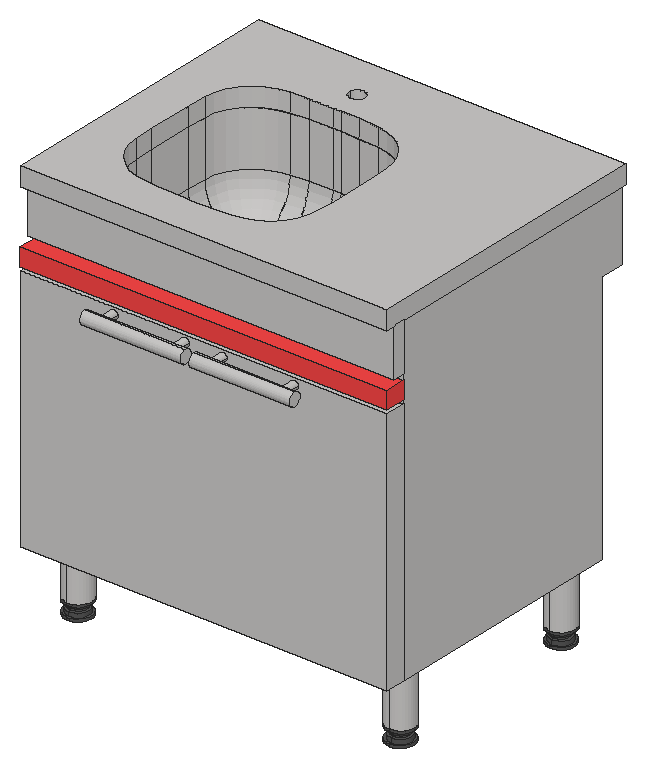
Revit family "ADB Armoire Bac du chef CMA 801", category Equipement spécialisé, Revit 2022
Family settings
  Cote de connecteur circulaire = Utiliser le diamètre
  Type d'élément = Normal
  Numéro OmniClass = 23.40.40.14.17.11
  Titre OmniClass = Cookers, Ovens, Stoves
  Basée sur le plan de construction = Non
  Toujours verticalement = Oui
  Couper avec des vides une fois chargée = Non
  Conserver l'orientation des annotations = Non
  Partagée = Non
  Repère de localisation dans la pièce = Non
Parameters (values of type "CMA 801 BCFG")
  URL catalogue = "https://www.ambassade-de-bourgogne.com/fr/produits/armoires/Resources/N31-CMA_801_BCFG.pdf"
  URL = "https://www.ambassade-de-bourgogne.com/fr/produits/armoires/Resources/N31-CMA_801_BCFG.pdf"
  Type article = ""
  Robinet OR 001 [instance] = no
  Remarques Plomberie [instance] = if(Robinet OR 001, "G3/8 ou G1/2", "")  # ""
  Plaque = CME801 BCFG_BCFD : BCFG
  Spécification du Fabricant = ""
  Profondeur [instance] = 705 mm + if(Dosseret DSA 800, 50 mm, 0 mm)  # 705 mm
  Poids net à vide [instance] = 71.00 kg + if(Dosseret DSA 800, 1.00 kg, 0.00 kg) + if(Robinet OR 001, 10.00 kg, 0.00 kg)  # 71.00 kg
  Modèle = "CMA 801 BCFG"
  Longueur [instance] = 800 mm  # constant formula
  Hauteur [instance] = if(Robinet OR 001, 1280 mm, if(Dosseret DSA 800, 1000 mm, 900 mm))  # 900 mm
  Fabricant = "Société Industrielle de Lacanche"  # constant formula
  Elévation par défaut = 0 mm
  Dosseret DSA 800 [instance] = no
  Dosseret [instance] = if(Dosseret DSA 800, 50 mm, 0 mm)  # 0 mm
  Diamètre de Raccordement Evacuation = 40.00 mm  # constant formula
  Diamètre de Raccordement Eau Froide [instance] = if(Robinet OR 001, 14.95 mm, 0.00 mm)  # 0.00 mm
  Diamètre de Raccordement Eau Chaude [instance] = if(Robinet OR 001, 14.95 mm, 0.00 mm)  # 0.00 mm
  Description = "Bac du chef"  # constant formula
  Connecteurs [instance] = yes
  Connecteur alimentation eau [instance] = and(Connecteurs, Robinet OR 001)  # no
  Commentaires du type = "Gamme Ambassade - Armoires - Plans de travail"  # constant formula
Types (2, lengths in mm): name | URL catalogue | URL | Plaque | Modèle
  CMA 801 BCFG | "https://www.ambassade-de-bourgogne.com/fr/produits/armoires/Resources/N31-CMA_801_BCFG.pdf" | "https://www.ambassade-de-bourgogne.com/fr/produits/armoires/Resources/N31-CMA_801_BCFG.pdf" | CME801 BCFG_BCFD : BCFG | "CMA 801 BCFG"
  CMA 801 BCFD | "https://www.ambassade-de-bourgogne.com/fr/produits/armoires/Resources/N32-CMA_801_BCFD.pdf" | "https://www.ambassade-de-bourgogne.com/fr/produits/armoires/Resources/N32-CMA_801_BCFD.pdf" | CME801 BCFG_BCFD : BCFD | "CMA 801 BCFD"
Reference planes
  plane 1 "Centre (avant/arrière)": y = 0
  plane 2: z = 0
  plane 3 "Centre (gauche/droite)": x = 0
  plane 4 "gauche": x = -400
  plane 5 "droite": x = 400
  plane 6 "fond de meuble": y = 325
  plane 7 "avant": y = -325
  plane 8 "arrière": y = 325
  plane 9: z = 900
  plane 10: x = 0
  plane 11: z = 765
  plane 12: x = 350
  plane 13: z = 810
  plane 14: y = -380
  plane 15: z = 386
Forms (mm)
  Extrusion 1, solid, detail levels coarse
    sketch origin (0, 0, 0) x (1, 0, 0) y (0, 1, 0)
      loop
        line (-400, 325) -> (-400, -380) -> (400, -380) -> (400, 325) -> (-400, 325)
    from 0 to 900 <- "Hauteur"
  Extrusion 2, solid, material "ADB_Network_Used_water_Green", visible <- "Connecteurs", detail levels medium+fine
    sketch origin (254, 295, 245) x (0, 0, -1) y (-1, 0, 0)
      loop
        circle (-166, 254) r 20
    from 0 to 10
  Extrusion 3, solid, material "ADB_Network_Cold_water_Blue", visible <- "Connecteur alimentation eau", detail levels medium+fine
    sketch origin (266.475, 295, 207.525) x (0, 0, -1) y (-1, 0, 0)
      loop
        circle (-166, 254) r 7.475
    from 0 to 10
  Extrusion 4, solid, material "ADB_Network_Hot_water_Orange", visible <- "Connecteur alimentation eau", detail levels medium+fine
    sketch origin (241.525, 295, 207.525) x (0, 0, -1) y (-1, 0, 0)
      loop
        circle (-166, 254) r 7.475
    from 0 to 10
Dimensions and locks
  equal spacing: plane 5 "droite", plane 3 "Centre (gauche/droite)", plane 4 "gauche"
  "Longueur": plane 5 "droite" to plane 4 "gauche"
  plane 6 "fond de meuble" to plane 7 "avant" = 650 mm
  locked: plane 7 "avant" to plane 1 "Centre (avant/arrière)" at 325
  "Dosseret": plane 8 "arrière" to plane 6 "fond de meuble"
  "Hauteur": plane 9 to plane 2
  plane 2 to plane 11 = 765 mm
  plane 5 "droite" to plane 10 = 400 mm
  plane 12 to plane 5 "droite" = 50 mm
  plane 2 to plane 13 = 810 mm
  "Profondeur": plane 8 "arrière" to plane 14
  aligned and locked: level to plane 2
  aligned and locked: plane 3 "Centre (gauche/droite)" to nested 1
  aligned and locked: plane 8 "arrière" to Extrusion 1
  aligned and locked: Extrusion 1 to plane 14
Automatic sketch dimensions
  Extrusion 1 sketch curve to plane 4 "gauche" = 0 mm
  Extrusion 1 sketch curve to plane 5 "droite" = 0 mm
  Extrusion 1 sketch curve to plane 14 = 0 mm
  plane 6 "fond de meuble" to Extrusion 1 sketch curve = 0 mm
  nested 1 to Extrusion 2 sketch curve = 191 mm
  Extrusion 2 sketch curve to nested 1 = 254 mm
  nested 1 to Extrusion 3 sketch curve = 153.525 mm
  Extrusion 3 sketch curve to nested 1 = 241.525 mm
  nested 1 to Extrusion 4 sketch curve = 153.525 mm
  nested 1 to Extrusion 4 sketch curve = 241.525 mm
  radius of Extrusion 2 sketch curve = 20 mm
  radius of Extrusion 3 sketch curve = 7.475 mm
  radius of Extrusion 4 sketch curve = 7.475 mm
Nested families
  nested 1: "Soubassement armoire" at (0, 0, 0), Dosseret <- "Dosseret DSA 800", type "1 armoire", detail levels medium+fine
    with Profondeur 703 mm, Porte inversée no, Porte yes, Longueur 800 mm, Hauteur 900 mm, Encombrement Porte standard yes, Encombrement Porte inversée no, Echelle no, Ech 808 no, Décalage poignée 395.5 mm, Dosseret no
  nested 2: "CME801 BCFG_BCFD" at (0, 0, 900), type <- "Plaque", Robinet <- "Robinet OR 001", type "BCFG", detail levels medium+fine
    with Robinet no
Connectors
  piping at (0, 295, 411), diameter 40, driven by "Diamètre de Raccordement Evacuation"
    settings: on Extrusion 2, index 1, connector inside diameter 609.60 mm, connector length 0 mm, flow factor 0, pipe flow 0.0 L/s, pressure drop 0.0 Pa, fitting loss kfactor 0, connector angle 0.00°, fixture units 0, engagement length 0 mm, angle of deflection 0.00°, flow configuration 0, flow direction 0, fitting loss method 0, system type 7, joint type 0, gender type 0, connector reference index -1, connector utility 0, adjustable connector no, is connector primary yes, connector description ""
  piping at (12.475, 295, 373.525), driven by "Diamètre de Raccordement Eau Froide"
    settings: on Extrusion 3, index 2, connector diameter 0.00 mm, connector inside diameter 609.60 mm, connector length 0 mm, flow factor 0, pipe flow 0.0 L/s, pressure drop 0.0 Pa, fitting loss kfactor 0, connector angle 0.00°, fixture units 0, engagement length 0 mm, angle of deflection 0.00°, flow configuration 0, flow direction 2, fitting loss method 0, system type 29, joint type 0, gender type 0, connector reference index -1, connector utility 0, adjustable connector no, is connector primary no, connector description "Alimentation eau froide"
  piping at (-12.475, 295, 373.525), driven by "Diamètre de Raccordement Eau Chaude"
    settings: on Extrusion 4, index 3, connector diameter 0.00 mm, connector inside diameter 609.60 mm, connector length 0 mm, flow factor 0, pipe flow 0.0 L/s, pressure drop 0.0 Pa, fitting loss kfactor 0, connector angle 0.00°, fixture units 0, engagement length 0 mm, angle of deflection 0.00°, flow configuration 0, flow direction 1, fitting loss method 0, system type 29, joint type 0, gender type 0, connector reference index -1, connector utility 0, adjustable connector no, is connector primary no, connector description "Alimentation eau chaude"
Definition of nested family "Soubassement armoire"
  Parameters (values of type "1 armoire")
    Profondeur produit = 650 mm
    Profondeur baie libre = if(Baie libre, Profondeur produit - 68 mm, 1 mm)  # 582 mm
    Porte inversée [instance] = no
    Longueur poignée = 229 mm  # constant formula
    Encombrement Porte inversée [instance] = and(Porte, Porte inversée)  # no
    Encombrement Porte standard [instance] = and(Porte, not(Porte inversée))  # yes
    Porte [instance] = yes
    Profondeur [instance] = Profondeur produit + if(Dosseret, 50 mm, 0 mm) + 53 mm  # 703 mm
    Longueur produit = 800 mm
    Longueur [instance] = Longueur produit  # 800 mm
    Hauteur produit = 900 mm
    Hauteur [instance] = Hauteur produit + if(Dosseret, 100 mm, 0 mm)  # 900 mm
    Default Elevation = 0 mm
    Echelle [instance] = no
    Ech 808 [instance] = no
    Décalage poignée [instance] = if(Porte inversée, Longueur, 395.5 mm)  # 395.5 mm
    Dosseret [instance] = no
    Baie libre = yes
  Reference planes
    plane 1 "Centre (avant/arrière)": y = 0
    plane 2: z = 0
    plane 3 "Centre (gauche/droite)": x = 0
    plane 4 "Gauche": x = -400
    plane 5 "Arrière": y = 325
    plane 6 "Droite": x = 400
    plane 7 "Avant": y = -325
    plane 8 "dessous meuble": z = 155
    plane 9 "Dessus de plan": z = 900
    plane 10 "Baguette coloré": z = 696
    plane 11 "dessous plan": z = 860
    plane 12 "Face": y = -280
    plane 13 "commande": z = 755
    plane 14 "dessus dosseret": z = 900
    plane 15: y = -377.967
    plane 16: y = 325.033
    plane 17 "Baguette colorë": y = -780
    plane 18: x = -4.5
    plane 19: x = -343.25
    plane 20: x = 343.25
  Forms (mm)
    Extrusion 1, solid, visible <- "Porte", detail levels medium+fine
      sketch origin (-400, 0, 0) x (0, 1, 0) y (0, 0, 1)
        loop
          line (-325, 155) -> (-280, 155) -> (-280, 696) -> (-325, 696) -> (-325, 155)
      from 0 to 800 <- "Longueur"
    Extrusion 2, solid, detail levels medium+fine
      sketch origin (-400, 0, 0) x (0, 1, 0) y (0, 0, 1)
        loop
          line (-280, 742.5) -> (-327, 742.5) -> (-327, 705) -> (-280, 705) -> (-280, 742.5)
      from 0 to 800 <- "Longueur"
    Extrusion 3, solid, detail levels medium+fine
      sketch origin (-400, 0, 0) x (0, 1, 0) y (0, 0, 1)
        loop
          line (325, 900) -> (-325, 900) -> (-325, 860) -> (325, 860) -> (325, 900)
      from 0 to 800 <- "Longueur"
    Extrusion 4, void
      sketch origin (0, -325, 0) x (-1, 0, 0) y (0, 0, 1)
        loop
          line (343.25, 647.6) -> (-343.25, 647.6) -> (-343.25, 261.5) -> (343.25, 261.5) -> (343.25, 647.6)
      from 0 to 582 <- "Profondeur baie libre"
    Extrusion 5, solid, detail levels medium+fine
      sketch origin (-400, 0, 0) x (0, 1, 0) y (0, 0, 1)
        loop
          line (-280, 860) -> (-306, 860) -> (-306, 755) -> (-280, 755) -> (-280, 860)
      from 0 to 800 <- "Longueur"
    Extrusion 6, solid, detail levels medium+fine
      sketch origin (-400, 0, 0) x (0, 1, 0) y (0, 0, 1)
        loop
          line (315, 860) -> (-280, 860) -> (-280, 155) -> (260, 155) -> (260, 707) -> (315, 707) -> (315, 860)
      from 0 to 800 <- "Longueur"
    Revolve 7, solid, detail levels medium+fine
      sketch origin (351.965, 0, 0) x (0, 1, 0) y (0, 0, -1)
        loop
          line (-258.968, -155) -> (-229, -155) -> (-229, 0) -> (-258.492, 0) -> (-258.492, -5) -> (-253.001, -5) -> (-253.001, -13.586) -> (-248.857, -16.488) -> (-248.857, -22) -> (-252.82, -22) -> (-258.968, -28.148) -> (-258.968, -34) -> (-258.968, -155)
        axis (-229, 0) -> (-229, -155)
      angle from 0 to 360
    Revolve 8, solid, detail levels medium+fine
      sketch origin (-351.965, 0, 0) x (0, 1, 0) y (0, 0, 1)
        loop
          line (-258.968, 155) -> (-258.968, 34) -> (-258.968, 28.148) -> (-252.82, 22) -> (-248.857, 22) -> (-248.857, 16.488) -> (-253.001, 13.586) -> (-253.001, 5) -> (-258.492, 5) -> (-258.492, 0) -> (-229, 0) -> (-229, 155) -> (-258.968, 155)
        axis (-229, 0) -> (-229, 155)
      angle from 0 to 360
    Revolve 9, solid, detail levels medium+fine
      sketch origin (-351.965, -20, 0) x (0, -1, 0) y (0, 0, -1)
        loop
          line (-258.968, -155) -> (-229, -155) -> (-229, 0) -> (-258.492, 0) -> (-258.492, -5) -> (-253.001, -5) -> (-253.001, -13.586) -> (-248.857, -16.488) -> (-248.857, -22) -> (-252.82, -22) -> (-258.968, -28.148) -> (-258.968, -34) -> (-258.968, -155)
        axis (-229, 0) -> (-229, -155)
      angle from 0 to 360
    Extrusion 10, solid, visible <- "Dosseret", detail levels medium+fine
      sketch origin (-400, 0, 0) x (0, 1, 0) y (0, 0, 1)
        loop
          line (375.033, 1000) -> (325, 1000) -> (325, 860) -> (375.033, 860) -> (375.033, 1000)
      from 0 to 800 <- "Longueur"
    Revolve 11, solid, detail levels medium+fine
      sketch origin (351.965, -20, 0) x (0, -1, 0) y (0, 0, 1)
        loop
          line (-258.968, 155) -> (-258.968, 34) -> (-258.968, 28.148) -> (-252.82, 22) -> (-248.857, 22) -> (-248.857, 16.488) -> (-253.001, 13.586) -> (-253.001, 5) -> (-258.492, 5) -> (-258.492, 0) -> (-229, 0) -> (-229, 155) -> (-258.968, 155)
        axis (-229, 0) -> (-229, 155)
      angle from 0 to 360
    Extrusion 12, void
      sketch origin (0, 0, 900) x (0, -1, 0) y (1, 0, 0)
        loop
          line (-307.033, -366.567) -> (-293.033, -366.567) -> (-293.033, 366.464) -> (-307.033, 366.464) -> (-307.033, -366.567)
      from 0 to -0.8
    Extrusion 13, solid, detail levels medium+fine
      sketch origin (-400, 260, 155) x (0, 0, 1) y (1, 0, 0)
        loop
          line (65, 654) -> (65, 146) -> (552, 146) -> (552, 654) -> (65, 654)
      from 0 to 35
    Extrusion 14, solid, visible <- "Echelle", detail levels medium+fine
      sketch origin (22.75, 0, 0) x (1, 0, 0) y (0, 0, 1)
        loop
          line (-366, 648.8) -> (-366, 623.8) -> (-356.5, 623.8) -> (-356.5, 625) -> (-364.8, 625) -> (-364.8, 647.6) -> (-348, 647.6) -> (-348, 648.8) -> (-366, 648.8)
        loop
          line (-366, 548.8) -> (-366, 523.8) -> (-356.5, 523.8) -> (-356.5, 525) -> (-364.8, 525) -> (-364.8, 547.6) -> (-348, 547.6) -> (-348, 548.8) -> (-366, 548.8)
        loop
          line (-366, 448.8) -> (-366, 423.8) -> (-356.5, 423.8) -> (-356.5, 425) -> (-364.8, 425) -> (-364.8, 447.6) -> (-348, 447.6) -> (-348, 448.8) -> (-366, 448.8)
        loop
          line (-366, 348.8) -> (-366, 323.8) -> (-356.5, 323.8) -> (-356.5, 325) -> (-364.8, 325) -> (-364.8, 347.6) -> (-348, 347.6) -> (-348, 348.8) -> (-366, 348.8)
      from -113.466 to 206.5
    Extrusion 15, solid, visible <- "Echelle", detail levels medium+fine
      sketch origin (-22.75, 0, 0) x (-1, 0, 0) y (0, 0, -1)
        loop
          line (-366, -648.8) -> (-348, -648.8) -> (-348, -647.6) -> (-364.8, -647.6) -> (-364.8, -625) -> (-356.5, -625) -> (-356.5, -623.8) -> (-366, -623.8) -> (-366, -648.8)
        loop
          line (-366, -548.8) -> (-348, -548.8) -> (-348, -547.6) -> (-364.8, -547.6) -> (-364.8, -525) -> (-356.5, -525) -> (-356.5, -523.8) -> (-366, -523.8) -> (-366, -548.8)
        loop
          line (-366, -448.8) -> (-348, -448.8) -> (-348, -447.6) -> (-364.8, -447.6) -> (-364.8, -425) -> (-356.5, -425) -> (-356.5, -423.8) -> (-366, -423.8) -> (-366, -448.8)
        loop
          line (-366, -348.8) -> (-348, -348.8) -> (-348, -347.6) -> (-364.8, -347.6) -> (-364.8, -325) -> (-356.5, -325) -> (-356.5, -323.8) -> (-366, -323.8) -> (-366, -348.8)
      from -113.466 to 206.5
    Extrusion 16, solid, visible <- "Ech 808", detail levels medium+fine
      sketch origin (-400, -327, 742.5) x (0, 0, -1) y (1, 0, 0)
        loop
          line (63.5, 385.5) -> (481, 385.5) -> (481, 414.5) -> (63.5, 414.5) -> (63.5, 385.5)
      from -67 to -47
    Extrusion 17, solid, visible <- "Ech 808", detail levels medium+fine
      sketch origin (-380.9, 0, 0) x (-1, 0, 0) y (0, 0, -1)
        loop
          line (-366, -648.8) -> (-348, -648.8) -> (-348, -647.6) -> (-364.8, -647.6) -> (-364.8, -625) -> (-356.5, -625) -> (-356.5, -623.8) -> (-366, -623.8) -> (-366, -648.8)
        loop
          line (-366, -548.8) -> (-348, -548.8) -> (-348, -547.6) -> (-364.8, -547.6) -> (-364.8, -525) -> (-356.5, -525) -> (-356.5, -523.8) -> (-366, -523.8) -> (-366, -548.8)
        loop
          line (-366, -448.8) -> (-348, -448.8) -> (-348, -447.6) -> (-364.8, -447.6) -> (-364.8, -425) -> (-356.5, -425) -> (-356.5, -423.8) -> (-366, -423.8) -> (-366, -448.8)
        loop
          line (-366, -348.8) -> (-348, -348.8) -> (-348, -347.6) -> (-364.8, -347.6) -> (-364.8, -325) -> (-356.5, -325) -> (-356.5, -323.8) -> (-366, -323.8) -> (-366, -348.8)
      from -237 to 260
    Extrusion 18, solid, visible <- "Ech 808", detail levels medium+fine
      sketch origin (380.9, 0, 0) x (1, 0, 0) y (0, 0, 1)
        loop
          line (-366, 648.8) -> (-366, 623.8) -> (-356.5, 623.8) -> (-356.5, 625) -> (-364.8, 625) -> (-364.8, 647.6) -> (-348, 647.6) -> (-348, 648.8) -> (-366, 648.8)
        loop
          line (-366, 548.8) -> (-366, 523.8) -> (-356.5, 523.8) -> (-356.5, 525) -> (-364.8, 525) -> (-364.8, 547.6) -> (-348, 547.6) -> (-348, 548.8) -> (-366, 548.8)
        loop
          line (-366, 448.8) -> (-366, 423.8) -> (-356.5, 423.8) -> (-356.5, 425) -> (-364.8, 425) -> (-364.8, 447.6) -> (-348, 447.6) -> (-348, 448.8) -> (-366, 448.8)
        loop
          line (-366, 348.8) -> (-366, 323.8) -> (-356.5, 323.8) -> (-356.5, 325) -> (-364.8, 325) -> (-364.8, 347.6) -> (-348, 347.6) -> (-348, 348.8) -> (-366, 348.8)
      from -237 to 260
    Extrusion 19, solid, visible <- "Ech 808", detail levels medium+fine
      sketch origin (-400, 190, 742.5) x (0, 0, -1) y (1, 0, 0)
        loop
          line (63.5, 385.5) -> (481, 385.5) -> (481, 414.5) -> (63.5, 414.5) -> (63.5, 385.5)
      from -67 to -47
  Cuts and joins
    Extrusion 12 cuts Extrusion 10
    Extrusion 4 cuts Extrusion 6
  Lines and regions (mm)
    symbolic lines, visible <- "Porte"
      curve 1: line (400, -280, 155) -> (400, -680, 155)
      curve 2: line (-400, -280, 155) -> (-400, -680, 155)
      curve 3: arc (0, -280, 155) -> (-117.157, -562.843, 155) -> (-400, -680, 155) r 400
      curve 4: arc (0, -280, 155) -> (117.157, -562.843, 155) -> (400, -680, 155) r 400
    model lines, visible <- "Porte"
      curve 5: line (0, -325, 705) -> (0, -325, 155)
  Dimensions and locks
    equal spacing: plane 7 "Avant", plane 1 "Centre (avant/arrière)", plane 5 "Arrière"
    "Profondeur produit": plane 5 "Arrière" to plane 7 "Avant"
    equal spacing: plane 4 "Gauche", plane 3 "Centre (gauche/droite)", plane 6 "Droite"
    "Longueur produit": plane 4 "Gauche" to plane 6 "Droite"
    "Hauteur produit": plane 9 "Dessus de plan" to plane 2
    locked: plane 8 "dessous meuble" to plane 2 at 155
    locked: plane 9 "Dessus de plan" to plane 11 "dessous plan" at 40
    locked: plane 7 "Avant" to plane 12 "Face" at 45
    locked: plane 13 "commande" to plane 10 "Baguette coloré" at 59
    locked: plane 11 "dessous plan" to plane 13 "commande" at 105
    Extrusion 4 sketch curve to plane 8 "dessous meuble" = 106.5 mm
    Extrusion 4 sketch curve to plane 6 "Droite" = 56.75 mm
    Extrusion 4 sketch curve to plane 4 "Gauche" = 56.75 mm
    plane 10 "Baguette coloré" to Extrusion 4 sketch curve = 48.4 mm
    "Hauteur": plane 14 "dessus dosseret" to plane 2
    locked: plane 7 "Avant" to plane 15 at 52.967
    "Profondeur": plane 15 to plane 16
    equal spacing: Extrusion 13 sketch curve, plane 3 "Centre (gauche/droite)", Extrusion 13 sketch curve
    "Décalage poignée": plane 18 to plane 4 "Gauche"
    locked: plane 4 "Gauche" to Revolve 9 at 18.067
    locked: Revolve 11 to plane 6 "Droite" at 18.067
    locked: Revolve 7 to plane 6 "Droite" at 18.067
    locked: plane 4 "Gauche" to Revolve 8 at 18.067
    locked: Revolve 8 to plane 12 "Face" at 21.032
    locked: Revolve 7 to plane 12 "Face" at 21.032
    locked: plane 5 "Arrière" to Extrusion 10 sketch curve at 50.033
    plane 16 to Extrusion 12 sketch curve to Extrusion 12 sketch curve = 18 mm locked, 14 mm locked
    aligned and locked: level to plane 2
    aligned and locked: plane 18 to nested 1
    aligned and locked: Extrusion 18 sketch curve to Extrusion 18 sketch curve
  Automatic sketch dimensions
    Extrusion 1 sketch curve to plane 7 "Avant" = 0 mm
    Extrusion 1 sketch curve to plane 10 "Baguette coloré" = 0 mm
    Extrusion 1 sketch curve to plane 12 "Face" = 0 mm
    Extrusion 1 sketch curve to plane 8 "dessous meuble" = 0 mm
    Extrusion 2 sketch curve to plane 12 "Face" = 0 mm
    Extrusion 2 sketch curve to plane 7 "Avant" = 2 mm
    plane 10 "Baguette coloré" to Extrusion 2 sketch curve = 9 mm
    Extrusion 2 sketch curve to plane 13 "commande" = 12.5 mm
    Extrusion 3 sketch curve to plane 7 "Avant" = 0 mm
    Extrusion 3 sketch curve to plane 5 "Arrière" = 0 mm
    Extrusion 3 sketch curve to plane 11 "dessous plan" = 0 mm
    Extrusion 3 sketch curve to plane 9 "Dessus de plan" = 0 mm
    Extrusion 5 sketch curve to plane 11 "dessous plan" = 0 mm
    Extrusion 5 sketch curve to plane 13 "commande" = 0 mm
    Extrusion 5 sketch curve to plane 12 "Face" = 0 mm
    plane 7 "Avant" to Extrusion 5 sketch curve = 19 mm
    Extrusion 6 sketch curve to plane 11 "dessous plan" = 0 mm
    Extrusion 6 sketch curve to plane 12 "Face" = 0 mm
    Extrusion 6 sketch curve to plane 8 "dessous meuble" = 0 mm
    Extrusion 6 sketch curve to plane 5 "Arrière" = 65 mm
    Extrusion 6 sketch curve to plane 5 "Arrière" = 10 mm
    plane 10 "Baguette coloré" to Extrusion 6 sketch curve = 11 mm
    Revolve 7 sketch curve to plane 8 "dessous meuble" = 0 mm
    Revolve 7 sketch curve to level = 0 mm
    plane 12 "Face" to Revolve 7 sketch curve = 21.032 mm
    plane 12 "Face" to Revolve 7 sketch curve = 21.508 mm
    Revolve 7 sketch curve to Revolve 7 sketch curve = 5.491 mm
    Revolve 7 sketch curve to Revolve 7 sketch curve = 0.181 mm
    Revolve 7 sketch curve to Revolve 7 sketch curve = 3.964 mm
    Revolve 7 sketch curve to Revolve 7 sketch curve = 24.001 mm
    level to Revolve 7 sketch curve = 34 mm
    Revolve 7 sketch curve to Revolve 7 sketch curve = 5.852 mm
    Revolve 7 sketch curve to Revolve 7 sketch curve = 6.148 mm
    Revolve 7 sketch curve to Revolve 7 sketch curve = 5.512 mm
    Revolve 7 sketch curve to Revolve 7 sketch curve = 2.902 mm
    level to Revolve 7 sketch curve = 5 mm
    Revolve 7 sketch curve to Revolve 7 sketch curve = 0 mm
    plane 8 "dessous meuble" to Revolve 7 sketch curve = 19 mm
    Revolve 7 sketch curve to Revolve 7 sketch curve = 12 mm
    Revolve 8 sketch curve to plane 8 "dessous meuble" = 0 mm
    Revolve 8 sketch curve to level = 0 mm
    plane 12 "Face" to Revolve 8 sketch curve = 21.032 mm
    plane 12 "Face" to Revolve 8 sketch curve = 21.508 mm
    Revolve 8 sketch curve to Revolve 8 sketch curve = 5.491 mm
    Revolve 8 sketch curve to Revolve 8 sketch curve = 0.181 mm
    Revolve 8 sketch curve to Revolve 8 sketch curve = 3.964 mm
    Revolve 8 sketch curve to Revolve 8 sketch curve = 24.001 mm
    level to Revolve 8 sketch curve = 5 mm
    Revolve 8 sketch curve to Revolve 8 sketch curve = 8.586 mm
    Revolve 8 sketch curve to Revolve 8 sketch curve = 2.902 mm
    Revolve 8 sketch curve to Revolve 8 sketch curve = 5.512 mm
    Revolve 8 sketch curve to Revolve 8 sketch curve = 6.148 mm
    Revolve 8 sketch curve to Revolve 8 sketch curve = 5.852 mm
    Revolve 8 sketch curve to Revolve 8 sketch curve = 0 mm
    Revolve 8 sketch curve to Revolve 8 sketch curve = 12 mm
    plane 8 "dessous meuble" to Revolve 8 sketch curve = 19 mm
    Revolve 9 sketch curve to plane 8 "dessous meuble" = 0 mm
    Revolve 9 sketch curve to level = 0 mm
    level to Revolve 9 sketch curve = 28.148 mm
    Revolve 9 sketch curve to plane 5 "Arrière" = 86.032 mm
    Revolve 9 sketch curve to Revolve 9 sketch curve = 0.477 mm
    level to Revolve 9 sketch curve = 13.586 mm
    Revolve 9 sketch curve to Revolve 9 sketch curve = 5.491 mm
    Revolve 9 sketch curve to Revolve 9 sketch curve = 0.181 mm
    Revolve 9 sketch curve to Revolve 9 sketch curve = 3.964 mm
    Revolve 9 sketch curve to Revolve 9 sketch curve = 24.001 mm
    Revolve 9 sketch curve to Revolve 9 sketch curve = 5.852 mm
    Revolve 9 sketch curve to Revolve 9 sketch curve = 8.414 mm
    Revolve 9 sketch curve to Revolve 9 sketch curve = 2.902 mm
    level to Revolve 9 sketch curve = 5 mm
    Revolve 9 sketch curve to Revolve 9 sketch curve = 0 mm
    plane 8 "dessous meuble" to Revolve 9 sketch curve = 19 mm
    Revolve 9 sketch curve to Revolve 9 sketch curve = 12 mm
    Extrusion 10 sketch curve to plane 5 "Arrière" = 0 mm
    Extrusion 10 sketch curve to plane 11 "dessous plan" = 0 mm
    plane 9 "Dessus de plan" to Extrusion 10 sketch curve = 100 mm
    curve 1 to plane 6 "Droite" = 0 mm
    plane 6 "Droite" to curve 3 = 400 mm
    curve 3 to plane 4 "Gauche" = 0 mm
    plane 4 "Gauche" to curve 4 = 400 mm
    curve 1 to plane 12 "Face" = 0 mm
    curve 4 to plane 12 "Face" = 0 mm
    curve 2 to plane 12 "Face" = 0 mm
    curve 3 to plane 12 "Face" = 0 mm
    Revolve 11 sketch curve to plane 8 "dessous meuble" = 0 mm
    Revolve 11 sketch curve to level = 0 mm
    level to Revolve 11 sketch curve = 28.148 mm
    Revolve 11 sketch curve to plane 5 "Arrière" = 86.032 mm
    Revolve 11 sketch curve to Revolve 11 sketch curve = 0.477 mm
    level to Revolve 11 sketch curve = 13.586 mm
    Revolve 11 sketch curve to Revolve 11 sketch curve = 5.491 mm
    Revolve 11 sketch curve to Revolve 11 sketch curve = 0.181 mm
    Revolve 11 sketch curve to Revolve 11 sketch curve = 3.964 mm
    Revolve 11 sketch curve to Revolve 11 sketch curve = 24.001 mm
    level to Revolve 11 sketch curve = 5 mm
    Revolve 11 sketch curve to Revolve 11 sketch curve = 2.902 mm
    Revolve 11 sketch curve to Revolve 11 sketch curve = 5.512 mm
    Revolve 11 sketch curve to Revolve 11 sketch curve = 5.852 mm
    Revolve 11 sketch curve to Revolve 11 sketch curve = 0 mm
    Revolve 11 sketch curve to Revolve 11 sketch curve = 12 mm
    plane 8 "dessous meuble" to Revolve 11 sketch curve = 19 mm
    Extrusion 13 sketch curve to Extrusion 6 = 0 mm
    Extrusion 6 to Extrusion 13 sketch curve = 65 mm
    Extrusion 6 to Extrusion 13 sketch curve = 146 mm
    Extrusion 14 sketch curve to Extrusion 14 sketch curve = 8.3 mm  (x4)
    Extrusion 14 sketch curve to Extrusion 14 sketch curve = 16.8 mm  (x4)
    plane 8 "dessous meuble" to Extrusion 14 sketch curve = 168.8 mm
    Extrusion 14 sketch curve to Extrusion 14 sketch curve = 1.2 mm  (x12)
    Extrusion 14 sketch curve to Extrusion 14 sketch curve = 22.6 mm  (x4)
    Extrusion 14 sketch curve to Extrusion 14 sketch curve = 75 mm  (x2)
    Extrusion 14 sketch curve to plane 10 "Baguette coloré" = 72.2 mm
    Extrusion 15 sketch curve to Extrusion 15 sketch curve = 8.3 mm  (x4)
    Extrusion 15 sketch curve to Extrusion 15 sketch curve = 16.8 mm  (x4)
    Extrusion 15 sketch curve to plane 10 "Baguette coloré" = 47.2 mm
    Extrusion 15 sketch curve to Extrusion 15 sketch curve = 1.2 mm  (x12)
    Extrusion 15 sketch curve to Extrusion 15 sketch curve = 22.6 mm  (x4)
    Extrusion 15 sketch curve to Extrusion 15 sketch curve = 75 mm  (x3)
    curve 5 to plane 3 "Centre (gauche/droite)" = 0 mm
    curve 5 to plane 8 "dessous meuble" = 0 mm
    plane 10 "Baguette coloré" to curve 5 = 9 mm
    Extrusion 2 to Extrusion 16 sketch curve = 26 mm
    Extrusion 17 sketch curve to plane 3 "Centre (gauche/droite)" = 14.9 mm  (x4)
    Extrusion 17 sketch curve to plane 3 "Centre (gauche/droite)" = 16.1 mm  (x4)
    Extrusion 17 sketch curve to plane 18 = 19.9 mm  (x4)
    Extrusion 17 sketch curve to plane 18 = 28.4 mm  (x4)
    Extrusion 17 sketch curve to plane 10 "Baguette coloré" = 47.2 mm
    Extrusion 17 sketch curve to Extrusion 17 sketch curve = 1.2 mm  (x8)
    Extrusion 17 sketch curve to Extrusion 17 sketch curve = 22.6 mm  (x4)
    Extrusion 17 sketch curve to Extrusion 17 sketch curve = 75 mm  (x3)
    plane 3 "Centre (gauche/droite)" to Extrusion 18 sketch curve = 14.9 mm  (x4)
    plane 3 "Centre (gauche/droite)" to Extrusion 18 sketch curve = 16.1 mm  (x4)
    Extrusion 18 sketch curve to Extrusion 18 sketch curve = 8.3 mm  (x4)
    Extrusion 18 sketch curve to Extrusion 18 sketch curve = 16.8 mm  (x3)
    plane 8 "dessous meuble" to Extrusion 18 sketch curve = 168.8 mm
    Extrusion 18 sketch curve to Extrusion 18 sketch curve = 1.2 mm  (x8)
    Extrusion 18 sketch curve to Extrusion 18 sketch curve = 22.6 mm  (x4)
    Extrusion 18 sketch curve to Extrusion 18 sketch curve = 75 mm  (x2)
    Extrusion 18 sketch curve to plane 10 "Baguette coloré" = 72.2 mm
    Extrusion 16 sketch curve to Extrusion 16 sketch curve = 417.5 mm
    Extrusion 16 sketch curve to Extrusion 16 sketch curve = 29 mm
    Extrusion 19 sketch curve to plane 10 "Baguette coloré" = 17 mm
    plane 8 "dessous meuble" to Extrusion 19 sketch curve = 106.5 mm
    plane 4 "Gauche" to Extrusion 12 sketch curve = 33.433 mm
    plane 4 "Gauche" to Extrusion 14 sketch curve = 56.75 mm  (x4)
    plane 6 "Droite" to Extrusion 12 sketch curve = 33.536 mm
    plane 6 "Droite" to Extrusion 15 sketch curve = 56.75 mm  (x4)
    Extrusion 2 to Extrusion 16 sketch curve = 385.5 mm
    Extrusion 19 sketch curve to plane 18 = 10 mm
    plane 3 "Centre (gauche/droite)" to Extrusion 19 sketch curve = 14.5 mm
  Nested families
    nested 1: "Poignée" at (-119, -325, 681.933) x (1, 0, 0) z (0, -1, 0), visible <- "Porte", Longueur <- "Longueur poignée", type "Poignée", detail levels fine
      with Longueur 229 mm
    nested 2: "Poignée" at (119, -325, 681.933) x (-1, 0, 0) z (0, -1, 0), visible <- "Porte", Longueur <- "Longueur poignée", type "Poignée", detail levels fine
      with Longueur 229 mm
  Definition of nested family "Poignée"
    Parameters (values of type "Poignée")
      Longueur [instance] = 800 mm
      Default Elevation = 1219.2 mm
    Reference planes
      plane 1 "Centre (avant/arrière)": y = 0
      plane 2: z = 0
      plane 3 "Centre (gauche/droite)": x = 0
      plane 4: x = -400
      plane 5: x = 400
      plane 6: x = -395
      plane 7: x = 395
    Forms (mm)
      Extrusion 1, solid
        sketch origin (0, 0, 0) x (1, 0, 0) y (0, 1, 0)
          loop
            line (-1219.2, 1219.2) -> (-1219.2, -1219.2) -> (1219.2, -1219.2) -> (1219.2, 1219.2) -> (-1219.2, 1219.2)
        from 0 to -304.8
      Extrusion 2, solid
        sketch origin (0, 0, 0) x (0, 1, 0) y (0, 0, 1)
          loop
            circle (0, 38.995) r 13.972
        from -395 to 395
      Extrusion 3, solid
        sketch origin (0, 0, 0) x (1, 0, 0) y (0, 1, 0)
          loop
            circle (-363.542, 0) r 8.5
          loop
            circle (363.453, 0) r 8.5
        from 0 to 37.089
    Cuts and joins
      joined: Extrusion 2, Extrusion 3
    Dimensions and locks
      equal spacing: plane 4, plane 3 "Centre (gauche/droite)", plane 5
      "Longueur": plane 4 to plane 5
      locked: plane 4 to plane 6 at 5
      locked: plane 7 to plane 5 at 5
      locked: plane 6 to Extrusion 3 sketch curve at 31.458
      locked: Extrusion 3 sketch curve to plane 7 at 31.547
      aligned and locked: plane 2 to Extrusion 1
      aligned and locked: level to Extrusion 1
      aligned and locked: plane 6 to Extrusion 2
      aligned and locked: Extrusion 2 to plane 7
      aligned and locked: plane 1 "Centre (avant/arrière)" to Extrusion 3 sketch curve
    Automatic sketch dimensions
      Extrusion 1 sketch curve to Extrusion 1 sketch curve = 2438.4 mm  (x2)
      Extrusion 2 sketch curve to plane 1 "Centre (avant/arrière)" = 0 mm
      level to Extrusion 2 sketch curve = 38.995 mm
      plane 1 "Centre (avant/arrière)" to Extrusion 3 sketch curve = 0 mm
      radius of Extrusion 2 sketch curve = 13.972 mm
      radius of Extrusion 3 sketch curve = 8.5 mm  (x2)
